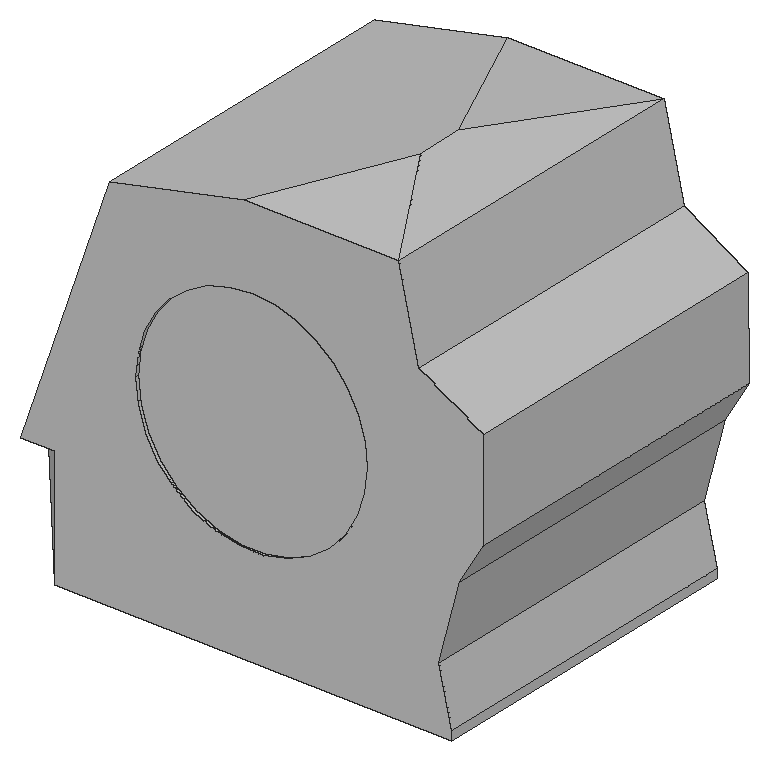
Revit family "1Electronics_Commercial-Loudspeakers_Biamp_Outdoor-Loudspeaker_ROCK608", category Communication Devices, host Face, Revit 2020
Family settings
  Host = Face
  Maintain Annotation Orientation = No
  Round Connector Dimension = Use Diameter
  Part Type = Normal
  OmniClass Number = 23.85.10.11.14.14.14
  OmniClass Title = Loudspeakers
  Cut with Voids When Loaded = No
  Shared = No
  Room Calculation Point = No
Parameters (values of type "ROCK608")
  Woofer size in inch = "6.5"  # constant formula
  Woofer cone material = "Polypropylene"  # constant formula
  Width = 7.87402"  # constant formula
  Weight = 7.95 lbf  # constant formula
  Vertical dispersion angle 1000 Hz = "55°\r"  # constant formula
  URL = "https://www.biamp.com/"
  Tweeter size in inch = "1"  # constant formula
  SPL 1W/1m in dB = "92"  # constant formula
  Product data url = "https://bimobject.com/biamp/product/rock608_commercial-loudspeakers-surface-mount"
  Product Page URL = "https://www.biamp.com/products/product-families/commercial-loudspeakers/surface-mount#rock608"
  Product Documentation Link = "https://downloads.biamp.com/assets/docs/default-source/data-sheets/biamp_data_sheet_rock608_aug20.pdf"
  Model = "ROCK608"  # constant formula
  Max SPL 1m in dB = "105"  # constant formula
  Manufacturer = "Biamp"  # constant formula
  Low impedance dynamic power in watts = "60"  # constant formula
  Low impedance RMS power in watts = "25"  # constant formula
  Loudspeaker system = "2-way"  # constant formula
  Housing Material = Biamp - Plastic - Gray
  Horizontal dispersion angle 1000 Hz = "180°\r"  # constant formula
  Height = 10.23622"  # constant formula
  Grill Material = Biamp - Plastic - Gray(Grid)
  Frequency response in Hz = "60-20k"  # constant formula
  Description = "ROCK608 Rock Design Outdoor Loudspeaker"  # constant formula
  Depth = 11.02362"  # constant formula
  Default Elevation = 0.00"  # constant formula
  Impedance (ohms) = "8"  # constant formula
  Connector Description = "Spring terminals; 8 Ω Low Impedance, 70/100V"  # constant formula
Reference planes (in)
  plane 1 "Center (Front/Back)": y = 0
  plane 2: z = 0
  plane 3 "Center (Left/Right)": x = 0
  plane 4: y = 3.93701
  plane 5: y = -3.93701
  plane 6: x = -5.51181
  plane 7: x = 5.51181
  plane 8: z = 10.23622
  plane 9: z = 5.11811
  plane 10: y = -3.8189
  plane 11: y = -3.8789
Forms (in)
  Extrusion 1, solid, material "Biamp - Plastic - Gray" <- "Housing Material", detail levels medium+fine
    sketch origin (0, 0, 0) x (1, 0, 0) y (0, 0, 1)
      loop
        line (-3.37929, 9.0443) -> (-5.51181, 2.85143) -> (-4.69418, 0) -> (4.75464, 0) -> (4.75464, 0.21237) -> (4.44467, 1.555) -> (4.95416, 3.45643) -> (5.51181, 4.42232) -> (5.51181, 6.78452) -> (3.98188, 7.66783) -> (3.49478, 9.77768) -> (1.7835, 10.23622) -> (-3.37929, 9.0443)
    from -3.93701 to 3.93701
  Extrusion 2, void
    sketch origin (0, 0, 0) x (1, 0, 0) y (0, 0, 1)
      loop
        circle (0, 5.11811) r 2.75591
    from 3.8189 to 3.93701
  Extrusion 3, void
    sketch origin (0, 0, 0) x (1, 0, 0) y (0, 1, 0)
      loop
        line (-4.69418, -3.93701) -> (-5.51181, -3.11937) -> (-5.51181, -3.93701) -> (-4.69418, -3.93701)
    from 0 to 2.85143
  Extrusion 4, void
    sketch origin (0, 0, 0) x (0, 1, 0) y (0, 0, 1)
      loop
        line (0, 10.23622) -> (3.93701, 9.77768) -> (3.93701, 10.23622) -> (0, 10.23622)
    from -5.51181 to 5.51181
  Extrusion 5, void
    sketch origin (0, 0, 0) x (0, -1, 0) y (0, 0, -1)
      loop
        line (1.15423, -10.23622) -> (3.93701, -10.23622) -> (3.93701, -9.77768) -> (1.15423, -10.23622)
    from -5.51181 to 5.51181
  Extrusion 6, solid, material "Biamp - Plastic - Gray(Grid)" <- "Grill Material", detail levels medium+fine
    sketch origin (0, 0, 0) x (1, 0, 0) y (0, 0, 1)
      loop
        circle (0, 5.11811) r 2.75591
    from 3.8189 to 3.8789
  Extrusion 7, solid, material "Biamp - Plastic - Gray" <- "Housing Material", detail levels coarse
    sketch origin (0, 0, 0) x (1, 0, 0) y (0, 0, 1)
      loop
        line (-0.20265, 9.77768) -> (-3.37929, 9.0443) -> (-5.51181, 2.85143) -> (-4.69418, 0) -> (4.75464, 0) -> (4.75464, 0.21237) -> (4.44467, 1.555) -> (4.95416, 3.45643) -> (5.51181, 4.42232) -> (5.51181, 6.78452) -> (3.98188, 7.66783) -> (3.49478, 9.77768) -> (1.7835, 10.23622) -> (-0.20265, 9.77768)
    from -3.93701 to 3.93701
Cuts and joins
  Extrusion 2, Extrusion 3, Extrusion 4, Extrusion 5 cuts Extrusion 1
Lines and regions (in)
  Masking region 1
    outline origin (0, 0, 0) x (1, 0, 0) y (0, 1, 0)
      loop
        line (-5.51181, 3.93701) -> (-5.51181, -3.93701) -> (5.51181, -3.93701) -> (5.51181, 3.93701) -> (-5.51181, 3.93701)
  Masking region 2
    outline origin (0, 0, 0) x (1, 0, 0) y (0, 0, 1)
      loop
        line (-0.20265, 9.77768) -> (-3.37929, 9.0443) -> (-5.51181, 2.85143) -> (-4.69418, 0) -> (4.75464, 0) -> (4.75464, 0.21237) -> (4.44467, 1.555) -> (4.95416, 3.45643) -> (5.51181, 4.42232) -> (5.51181, 6.78452) -> (3.98188, 7.66783) -> (3.49478, 9.77768) -> (1.7835, 10.23622) -> (-0.20265, 9.77768)
  Masking region 3
    outline origin (0, 0, 0) x (0, 1, 0) y (0, 0, 1)
      loop
        line (-1.15423, 10.23622) -> (-3.93701, 9.77768) -> (-3.93701, 0) -> (3.93701, 0) -> (3.93701, 9.77768) -> (0, 10.23622) -> (-1.15423, 10.23622)
  symbolic lines
    curve 1: line (-3.37929, 3.93701, 0) -> (-3.37929, -3.93701, 0)
    curve 2: line (3.98188, 3.93701, 0) -> (3.98188, -3.93701, 0)
    curve 3: line (3.49478, -3.93701, 0) -> (3.49478, 3.93701, 0)
    curve 4: line (-0.20265, 3.93701, 0) -> (1.7835, 0, 0)
    curve 5: line (3.49478, 3.93701, 0) -> (1.7835, 0, 0)
    curve 6: line (1.7835, 0, 0) -> (1.7835, -1.15423, 0)
    curve 7: line (1.7835, -1.15423, 0) -> (3.49478, -3.93701, 0)
    curve 8: line (1.7835, -1.15423, 0) -> (-0.20265, -3.93701, 0)
    curve 9: line (-0.20265, 0, 9.77768) -> (3.49478, 0, 9.77768)
    curve 10: line (-5.51181, 0, 2.85143) -> (-4.69418, 0, 2.85143)
    curve 11: line (-4.69418, 0, 2.85143) -> (-4.69418, 0, 0)
    curve 12: arc (2.75591, 0, 5.11811) -> (0, 0, 7.87402) -> (-2.75591, 0, 5.11811) r 2.75591
    curve 13: arc (-2.75591, 0, 5.11811) -> (0, 0, 2.3622) -> (2.75591, 0, 5.11811) r 2.75591
    curve 14: line (0, -3.93701, 9.77768) -> (0, 3.93701, 9.77768)
    curve 15: line (0, -3.93701, 7.66783) -> (0, 3.93701, 7.66783)
    curve 16: line (0, 3.93701, 6.78452) -> (0, -3.93701, 6.78452)
    curve 17: line (0, -3.93701, 4.42232) -> (0, 3.93701, 4.42232)
    curve 18: line (0, 3.93701, 3.45643) -> (0, -3.93701, 3.45643)
    curve 19: line (0, 3.93701, 1.555) -> (0, -3.93701, 1.555)
    curve 20: line (0, -3.93701, 0.21237) -> (0, 3.93701, 0.21237)
Dimensions and locks (in)
  equal spacing: plane 6, plane 3 "Center (Left/Right)", plane 7
  "Depth": plane 6 to plane 7
  equal spacing: plane 5, plane 1 "Center (Front/Back)", plane 4
  "Width": plane 4 to plane 5
  equal spacing: plane 8, plane 9, plane 2
  "Height": plane 8 to plane 2
  aligned and locked: plane 2 to host face
  aligned and locked: level to host face
  aligned and locked: plane 4 to Extrusion 1
  aligned and locked: plane 5 to Extrusion 1
Automatic sketch dimensions
  host sketch curve to host sketch curve = 96.00"  (x2)
  Extrusion 1 sketch curve to plane 6 = 0.00"
  Extrusion 1 sketch curve to level = 0.00"
  Extrusion 1 sketch curve to plane 8 = 0.00"
  plane 7 to Extrusion 1 sketch curve = 0.00"
  plane 6 to Extrusion 1 sketch curve = 0.81763"
  plane 6 to Extrusion 1 sketch curve = 2.13252"
  plane 3 "Center (Left/Right)" to Extrusion 1 sketch curve = 1.7835"
  Extrusion 1 sketch curve to plane 8 = 0.45854"
  Extrusion 1 sketch curve to Extrusion 1 sketch curve = 1.71129"
  plane 7 to Extrusion 1 sketch curve = 1.52993"
  plane 7 to Extrusion 1 sketch curve = 1.06714"
  plane 7 to Extrusion 1 sketch curve = 0.75717"
  plane 7 to Extrusion 1 sketch curve = 0.55765"
  Extrusion 1 sketch curve to Extrusion 1 sketch curve = 0.21237"
  Extrusion 1 sketch curve to Extrusion 1 sketch curve = 1.34264"
  Extrusion 1 sketch curve to plane 9 = 2.26668"
  Extrusion 1 sketch curve to plane 9 = 1.66168"
  Extrusion 1 sketch curve to plane 9 = 0.69579"
  plane 9 to Extrusion 1 sketch curve = 1.66641"
  Extrusion 1 sketch curve to Extrusion 1 sketch curve = 0.88331"
  Extrusion 1 sketch curve to plane 8 = 1.19192"
  Extrusion 2 sketch curve to plane 3 "Center (Left/Right)" = 0.00"
  Extrusion 2 sketch curve to plane 9 = 0.00"
  plane 5 to Extrusion 3 sketch curve = 0.00"
  Extrusion 3 sketch curve to plane 6 = 0.00"
  plane 6 to Extrusion 3 sketch curve = 0.81763"
  Extrusion 3 sketch curve to plane 10 = 0.69952"
  Extrusion 4 sketch curve to plane 1 "Center (Front/Back)" = 0.00"
  Extrusion 4 sketch curve to plane 4 = 0.00"
  Extrusion 4 sketch curve to plane 8 = 0.00"
  Extrusion 4 sketch curve to plane 8 = 0.45854"
  Extrusion 5 sketch curve to plane 8 = 0.00"
  Extrusion 5 sketch curve to plane 5 = 0.00"
  plane 8 to Extrusion 5 sketch curve = 0.45854"
  Extrusion 5 sketch curve to plane 1 "Center (Front/Back)" = 1.15423"
  Extrusion 6 sketch curve to plane 3 "Center (Left/Right)" = 0.00"
  Extrusion 6 sketch curve to plane 9 = 0.00"
  plane 5 to Masking region 1 sketch curve = 0.00"
  Masking region 1 sketch curve to plane 6 = 0.00"
  Masking region 1 sketch curve to plane 7 = 0.00"
  Masking region 1 sketch curve to plane 4 = 0.00"
  plane 5 to curve 1 = 0.00"
  curve 1 to plane 4 = 0.00"
  plane 5 to curve 8 = 0.00"
  curve 4 to plane 4 = 0.00"
  plane 1 "Center (Front/Back)" to curve 6 = 0.00"
  curve 3 to plane 4 = 0.00"
  plane 5 to curve 7 = 0.00"
  plane 5 to curve 2 = 0.00"
  curve 2 to plane 4 = 0.00"
  plane 3 "Center (Left/Right)" to curve 6 = 1.7835"
  plane 7 to curve 3 = 2.01703"
  plane 1 "Center (Front/Back)" to curve 7 = 1.15423"
  curve 4 to plane 3 "Center (Left/Right)" = 0.20265"
  curve 8 to plane 3 "Center (Left/Right)" = 0.20265"
  plane 6 to curve 1 = 2.13252"
  curve 3 to curve 2 = 0.4871"
  Masking region 2 sketch curve to plane 6 = 0.00"
  Masking region 2 sketch curve to level = 0.00"
  Masking region 2 sketch curve to plane 8 = 0.00"
  plane 7 to Masking region 2 sketch curve = 0.00"
  plane 6 to Masking region 2 sketch curve = 2.13252"
  Masking region 2 sketch curve to plane 3 "Center (Left/Right)" = 0.20265"
  plane 3 "Center (Left/Right)" to Masking region 2 sketch curve = 1.7835"
  Masking region 2 sketch curve to plane 8 = 0.45854"  (x2)
  Masking region 2 sketch curve to Masking region 2 sketch curve = 1.71129"
  plane 7 to Masking region 2 sketch curve = 1.52993"
  plane 7 to Masking region 2 sketch curve = 1.06714"
  level to Masking region 2 sketch curve = 0.21237"
  plane 7 to Masking region 2 sketch curve = 0.75717"
  plane 7 to Masking region 2 sketch curve = 0.55765"
  Masking region 2 sketch curve to Masking region 2 sketch curve = 1.34264"
  Masking region 2 sketch curve to plane 9 = 1.66168"
  Masking region 2 sketch curve to plane 9 = 0.69579"
  plane 9 to Masking region 2 sketch curve = 1.66641"
  Masking region 2 sketch curve to Masking region 2 sketch curve = 0.88331"
  Masking region 2 sketch curve to plane 8 = 1.19192"
  plane 6 to Masking region 2 sketch curve = 0.81763"
  Masking region 2 sketch curve to plane 9 = 2.26668"
  curve 10 to plane 6 = 0.00"
  curve 11 to level = 0.00"
  plane 6 to curve 11 = 0.81763"
  curve 9 to plane 3 "Center (Left/Right)" = 0.20265"
  curve 9 to plane 8 = 0.45854"
  plane 7 to curve 9 = 2.01703"
  curve 10 to plane 9 = 2.26668"
  curve 12 to curve 13 = 0.00"  (x2)
  curve 12 to plane 9 = 0.00"
  curve 13 to plane 3 "Center (Left/Right)" = 0.00"
  curve 12 to plane 3 "Center (Left/Right)" = 2.75591"
  Masking region 3 sketch curve to plane 5 = 0.00"
  Masking region 3 sketch curve to plane 8 = 0.00"
  Masking region 3 sketch curve to plane 1 "Center (Front/Back)" = 0.00"
  Masking region 3 sketch curve to plane 4 = 0.00"
  Masking region 3 sketch curve to level = 0.00"
  plane 1 "Center (Front/Back)" to Masking region 3 sketch curve = 1.15423"
  Masking region 3 sketch curve to plane 8 = 0.45854"  (x2)
  curve 14 to plane 5 = 0.00"
  curve 19 to plane 5 = 0.00"
  curve 15 to plane 5 = 0.00"
  curve 18 to plane 5 = 0.00"
  curve 17 to plane 5 = 0.00"
  curve 16 to plane 5 = 0.00"
  curve 20 to plane 5 = 0.00"
  curve 18 to plane 4 = 0.00"
  curve 15 to plane 4 = 0.00"
  curve 19 to plane 4 = 0.00"
  curve 14 to plane 4 = 0.00"
  curve 17 to plane 4 = 0.00"
  curve 16 to plane 4 = 0.00"
  curve 20 to plane 4 = 0.00"
  level to curve 20 = 0.21237"
  curve 20 to curve 19 = 1.34264"
  curve 18 to plane 9 = 1.66168"
  curve 17 to plane 9 = 0.69579"
  plane 9 to curve 16 = 1.66641"
  curve 16 to curve 15 = 0.88331"
  curve 14 to plane 8 = 0.45854"
  Extrusion 7 sketch curve to plane 6 = 0.00"
  Extrusion 7 sketch curve to level = 0.00"
  Extrusion 7 sketch curve to plane 8 = 0.00"
  plane 7 to Extrusion 7 sketch curve = 0.00"
  plane 6 to Extrusion 7 sketch curve = 0.81763"
  plane 6 to Extrusion 7 sketch curve = 2.13252"
  Extrusion 7 sketch curve to plane 3 "Center (Left/Right)" = 0.20265"
  plane 3 "Center (Left/Right)" to Extrusion 7 sketch curve = 1.7835"
  Extrusion 7 sketch curve to plane 8 = 0.45854"  (x2)
  Extrusion 7 sketch curve to Extrusion 7 sketch curve = 1.71129"
  plane 7 to Extrusion 7 sketch curve = 1.52993"
  plane 7 to Extrusion 7 sketch curve = 1.06714"
  plane 7 to Extrusion 7 sketch curve = 0.75717"
  plane 7 to Extrusion 7 sketch curve = 0.55765"
  Extrusion 7 sketch curve to Extrusion 7 sketch curve = 0.21237"
  Extrusion 7 sketch curve to Extrusion 7 sketch curve = 1.34264"
  Extrusion 7 sketch curve to plane 9 = 2.26668"
  Extrusion 7 sketch curve to plane 9 = 1.66168"
  Extrusion 7 sketch curve to plane 9 = 0.69579"
  plane 9 to Extrusion 7 sketch curve = 1.66641"
  Extrusion 7 sketch curve to Extrusion 7 sketch curve = 0.88331"
  Extrusion 7 sketch curve to plane 8 = 1.19192"
  radius of Extrusion 2 sketch curve = 2.75591"
  radius of Extrusion 6 sketch curve = 2.75591"
Connectors (in)
  electrical at (0, 3.93701, 5.11811)
    settings: on Extrusion 7, index 1, voltage 0 V, apparent load 0 VA, apparent load phase1 0 VA, apparent load phase2 0 VA, apparent load phase3 0 VA, power factor 1, load classification "Other", number of poles 1, system type 5, power factor state 1, is connector primary yes, connector utility no, sub classification motor no, connector description ""
